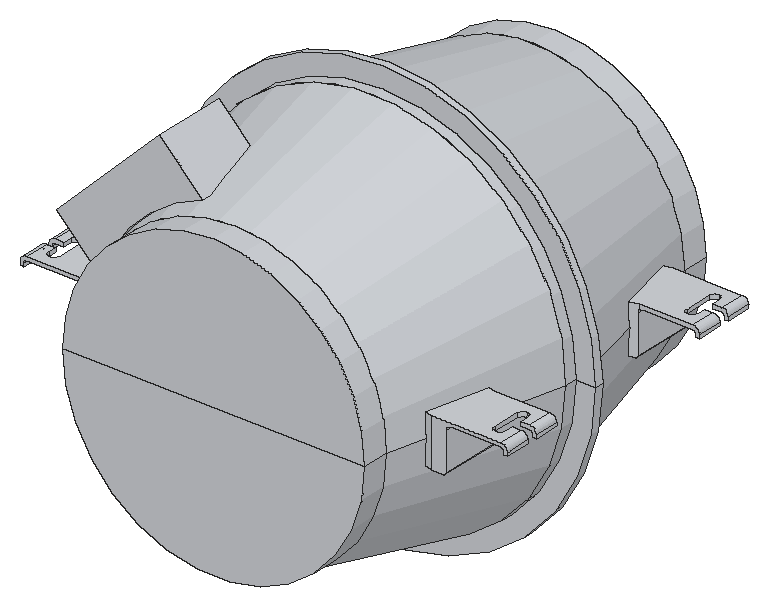
Revit family "FY-DSR2", category Mechanical Equipment, Revit 2024
Family settings
  Round Connector Dimension = Use Diameter
  Part Type = Normal
  OmniClass Number = 23.75.00.00
  OmniClass Title = Climate Control (HVAC)
  Work Plane-Based = No
  Always vertical = Yes
  Cut with Voids When Loaded = No
  Maintain Annotation Orientation = No
  Shared = No
  Room Calculation Point = No
Parameters
  Default Elevation = 0 mm
Reference planes
  plane 1 "Center (Front/Back)": y = 0
  plane 2: z = 0
  plane 3 "Center (Left/Right)": x = 0
  plane 4 "1": y = 175
  plane 5 "2": y = -175
Forms (mm)
  Revolve 1, solid
    sketch origin (0, 0, 0) x (1, 0, 0) y (0, 1, 0)
      loop
        line (0, 175) -> (0, -175) -> (124, -175) -> (124, -153) -> (158.2, -11.02) -> (158.2, -1.22) -> (175, -1.22) -> (175, 5) -> (158.2, 5) -> (158.2, 11.02) -> (124, 153) -> (124, 175) -> (0, 175)
      axis (0, 175) -> (0, -175)
    angle from 0 to 360
  Extrusion 2, solid
    sketch origin (0, 0, 0) x (1, 0, 0) y (0, 0, 1)
      loop
        line (-38.258, 123.11) -> (-73.613, 158.466) -> (-158.466, 73.613) -> (-123.11, 38.258)
        arc (-123.11, 38.258) -> (-90.236, 90.236) -> (-38.258, 123.11) r 140
    from 78 to 138
  Extrusion 3, solid
    sketch origin (0, 0, 0) x (1, 0, 0) y (0, 1, 0)
      loop
        line (-200, 123.5) -> (-200, 103) -> (-187.5, 103) -> (-187.5, 110)
        spline (-187.5, 110) -> (-187.462, 110.587) -> (-187.347, 111.165) -> (-187.157, 111.722) -> (-186.897, 112.25) -> (-186.57, 112.739) -> (-186.182, 113.182) -> (-185.739, 113.57) -> (-185.25, 113.897) -> (-184.722, 114.157) -> (-184.165, 114.347) -> (-183.587, 114.461) -> (-183, 114.5)
        spline (-183, 114.5) -> (-182.413, 114.461) -> (-181.835, 114.347) -> (-181.278, 114.157) -> (-180.75, 113.897) -> (-180.261, 113.57) -> (-179.818, 113.182) -> (-179.43, 112.739) -> (-179.103, 112.25) -> (-178.843, 111.722) -> (-178.653, 111.165) -> (-178.538, 110.587) -> (-178.5, 110)
        line (-178.5, 110) -> (-178.5, 87)
        spline (-178.5, 87) -> (-178.538, 86.413) -> (-178.653, 85.835) -> (-178.843, 85.278) -> (-179.103, 84.75) -> (-179.43, 84.261) -> (-179.818, 83.818) -> (-180.261, 83.43) -> (-180.75, 83.103) -> (-181.278, 82.843) -> (-181.835, 82.653) -> (-182.413, 82.538) -> (-183, 82.5)
        spline (-183, 82.5) -> (-183.587, 82.538) -> (-184.165, 82.653) -> (-184.722, 82.843) -> (-185.25, 83.103) -> (-185.739, 83.43) -> (-186.182, 83.818) -> (-186.57, 84.261) -> (-186.897, 84.75) -> (-187.157, 85.278) -> (-187.347, 85.835) -> (-187.462, 86.413) -> (-187.5, 87)
        line (-187.5, 87) -> (-187.5, 94) -> (-200, 94) -> (-200, 73.5) -> (-150, 73.5) -> (-143.527, 71.934) -> (-131.48, 121.946) -> (-137.904, 123.5) -> (-200, 123.5)
    from -20 to 20
  Extrusion 4, void
    sketch origin (0, 0, 0) x (1, 0, 0) y (0, 0, 1)
      loop
        spline (-200, 14.8) -> (-199.956, 15.479) -> (-199.823, 16.146) -> (-199.604, 16.79) -> (-199.303, 17.4) -> (-198.925, 17.966) -> (-198.477, 18.477) -> (-197.966, 18.925) -> (-197.4, 19.303) -> (-196.79, 19.604) -> (-196.146, 19.823) -> (-195.479, 19.956) -> (-194.8, 20)
        line (-194.8, 20) -> (-200, 20) -> (-200, 14.8)
      loop
        line (-200, 12) -> (-200, -20) -> (-148, -20) -> (-150, -18) -> (-150, 13.8)
        spline (-150, 13.8) -> (-150.026, 14.192) -> (-150.102, 14.576) -> (-150.228, 14.948) -> (-150.402, 15.3) -> (-150.62, 15.626) -> (-150.879, 15.921) -> (-151.174, 16.18) -> (-151.5, 16.398) -> (-151.852, 16.572) -> (-152.224, 16.698) -> (-152.608, 16.774) -> (-153, 16.8)
        line (-153, 16.8) -> (-194.8, 16.8)
        arc (-194.8, 16.8) -> (-196.214, 16.214) -> (-196.8, 14.8) r 2
        line (-196.8, 14.8) -> (-196.8, 12) -> (-200, 12)
    from -123.5 to -71.934
  Extrusion 5, solid
    sketch origin (0, 0, 0) x (-1, 0, 0) y (0, -1, 0)
      loop
        line (-200, -123.5) -> (-137.904, -123.5) -> (-131.48, -121.946) -> (-143.527, -71.934) -> (-150, -73.5) -> (-200, -73.5) -> (-200, -94) -> (-187.5, -94) -> (-187.5, -87)
        spline (-187.5, -87) -> (-187.462, -86.413) -> (-187.347, -85.835) -> (-187.157, -85.278) -> (-186.897, -84.75) -> (-186.57, -84.261) -> (-186.182, -83.818) -> (-185.739, -83.43) -> (-185.25, -83.103) -> (-184.722, -82.843) -> (-184.165, -82.653) -> (-183.587, -82.538) -> (-183, -82.5)
        spline (-183, -82.5) -> (-182.413, -82.538) -> (-181.835, -82.653) -> (-181.278, -82.843) -> (-180.75, -83.103) -> (-180.261, -83.43) -> (-179.818, -83.818) -> (-179.43, -84.261) -> (-179.103, -84.75) -> (-178.843, -85.278) -> (-178.653, -85.835) -> (-178.538, -86.413) -> (-178.5, -87)
        line (-178.5, -87) -> (-178.5, -110)
        spline (-178.5, -110) -> (-178.538, -110.587) -> (-178.653, -111.165) -> (-178.843, -111.722) -> (-179.103, -112.25) -> (-179.43, -112.739) -> (-179.818, -113.182) -> (-180.261, -113.57) -> (-180.75, -113.897) -> (-181.278, -114.157) -> (-181.835, -114.347) -> (-182.413, -114.461) -> (-183, -114.5)
        spline (-183, -114.5) -> (-183.587, -114.461) -> (-184.165, -114.347) -> (-184.722, -114.157) -> (-185.25, -113.897) -> (-185.739, -113.57) -> (-186.182, -113.182) -> (-186.57, -112.739) -> (-186.897, -112.25) -> (-187.157, -111.722) -> (-187.347, -111.165) -> (-187.462, -110.587) -> (-187.5, -110)
        line (-187.5, -110) -> (-187.5, -103) -> (-200, -103) -> (-200, -123.5)
    from -20 to 20
  Extrusion 6, void
    sketch origin (0, 0, 0) x (-1, 0, 0) y (0, 0, -1)
      loop
        line (-200, -14.8) -> (-200, -20) -> (-194.8, -20)
        spline (-194.8, -20) -> (-195.479, -19.956) -> (-196.146, -19.823) -> (-196.79, -19.604) -> (-197.4, -19.303) -> (-197.966, -18.925) -> (-198.477, -18.477) -> (-198.925, -17.966) -> (-199.303, -17.4) -> (-199.604, -16.79) -> (-199.823, -16.146) -> (-199.956, -15.479) -> (-200, -14.8)
      loop
        line (-200, -12) -> (-196.8, -12) -> (-196.8, -14.8)
        arc (-196.8, -14.8) -> (-196.214, -16.214) -> (-194.8, -16.8) r 2
        line (-194.8, -16.8) -> (-153, -16.8)
        spline (-153, -16.8) -> (-152.608, -16.774) -> (-152.224, -16.698) -> (-151.852, -16.572) -> (-151.5, -16.398) -> (-151.174, -16.18) -> (-150.879, -15.921) -> (-150.62, -15.626) -> (-150.402, -15.3) -> (-150.228, -14.948) -> (-150.102, -14.576) -> (-150.026, -14.192) -> (-150, -13.8)
        line (-150, -13.8) -> (-150, 18) -> (-148, 20) -> (-200, 20) -> (-200, -12)
    from -123.5 to -71.934
  Extrusion 7, solid
    sketch origin (0, 0, 0) x (1, 0, 0) y (0, 1, 0)
      loop
        line (-200, -123.5) -> (-137.904, -123.5) -> (-131.48, -121.946) -> (-143.527, -71.934) -> (-150, -73.5) -> (-200, -73.5) -> (-200, -94) -> (-187.5, -94) -> (-187.5, -87)
        spline (-187.5, -87) -> (-187.462, -86.413) -> (-187.347, -85.835) -> (-187.157, -85.278) -> (-186.897, -84.75) -> (-186.57, -84.261) -> (-186.182, -83.818) -> (-185.739, -83.43) -> (-185.25, -83.103) -> (-184.722, -82.843) -> (-184.165, -82.653) -> (-183.587, -82.538) -> (-183, -82.5)
        spline (-183, -82.5) -> (-182.413, -82.538) -> (-181.835, -82.653) -> (-181.278, -82.843) -> (-180.75, -83.103) -> (-180.261, -83.43) -> (-179.818, -83.818) -> (-179.43, -84.261) -> (-179.103, -84.75) -> (-178.843, -85.278) -> (-178.653, -85.835) -> (-178.538, -86.413) -> (-178.5, -87)
        line (-178.5, -87) -> (-178.5, -110)
        spline (-178.5, -110) -> (-178.538, -110.587) -> (-178.653, -111.165) -> (-178.843, -111.722) -> (-179.103, -112.25) -> (-179.43, -112.739) -> (-179.818, -113.182) -> (-180.261, -113.57) -> (-180.75, -113.897) -> (-181.278, -114.157) -> (-181.835, -114.347) -> (-182.413, -114.461) -> (-183, -114.5)
        spline (-183, -114.5) -> (-183.587, -114.461) -> (-184.165, -114.347) -> (-184.722, -114.157) -> (-185.25, -113.897) -> (-185.739, -113.57) -> (-186.182, -113.182) -> (-186.57, -112.739) -> (-186.897, -112.25) -> (-187.157, -111.722) -> (-187.347, -111.165) -> (-187.462, -110.587) -> (-187.5, -110)
        line (-187.5, -110) -> (-187.5, -103) -> (-200, -103) -> (-200, -123.5)
    from -20 to 20
  Extrusion 8, void
    sketch origin (0, 0, 0) x (1, 0, 0) y (0, 0, -1)
      loop
        line (-200, -14.8) -> (-200, -20) -> (-194.8, -20)
        spline (-194.8, -20) -> (-195.479, -19.956) -> (-196.146, -19.823) -> (-196.79, -19.604) -> (-197.4, -19.303) -> (-197.966, -18.925) -> (-198.477, -18.477) -> (-198.925, -17.966) -> (-199.303, -17.4) -> (-199.604, -16.79) -> (-199.823, -16.146) -> (-199.956, -15.479) -> (-200, -14.8)
      loop
        line (-200, -12) -> (-196.8, -12) -> (-196.8, -14.8)
        arc (-196.8, -14.8) -> (-196.214, -16.214) -> (-194.8, -16.8) r 2
        line (-194.8, -16.8) -> (-153, -16.8)
        spline (-153, -16.8) -> (-152.608, -16.774) -> (-152.224, -16.698) -> (-151.852, -16.572) -> (-151.5, -16.398) -> (-151.174, -16.18) -> (-150.879, -15.921) -> (-150.62, -15.626) -> (-150.402, -15.3) -> (-150.228, -14.948) -> (-150.102, -14.576) -> (-150.026, -14.192) -> (-150, -13.8)
        line (-150, -13.8) -> (-150, 18) -> (-148, 20) -> (-200, 20) -> (-200, -12)
    from -123.5 to -71.934
  Extrusion 9, solid
    sketch origin (0, 0, 0) x (-1, 0, 0) y (0, -1, 0)
      loop
        line (-200, 123.5) -> (-200, 103) -> (-187.5, 103) -> (-187.5, 110)
        spline (-187.5, 110) -> (-187.462, 110.587) -> (-187.347, 111.165) -> (-187.157, 111.722) -> (-186.897, 112.25) -> (-186.57, 112.739) -> (-186.182, 113.182) -> (-185.739, 113.57) -> (-185.25, 113.897) -> (-184.722, 114.157) -> (-184.165, 114.347) -> (-183.587, 114.461) -> (-183, 114.5)
        spline (-183, 114.5) -> (-182.413, 114.461) -> (-181.835, 114.347) -> (-181.278, 114.157) -> (-180.75, 113.897) -> (-180.261, 113.57) -> (-179.818, 113.182) -> (-179.43, 112.739) -> (-179.103, 112.25) -> (-178.843, 111.722) -> (-178.653, 111.165) -> (-178.538, 110.587) -> (-178.5, 110)
        line (-178.5, 110) -> (-178.5, 87)
        spline (-178.5, 87) -> (-178.538, 86.413) -> (-178.653, 85.835) -> (-178.843, 85.278) -> (-179.103, 84.75) -> (-179.43, 84.261) -> (-179.818, 83.818) -> (-180.261, 83.43) -> (-180.75, 83.103) -> (-181.278, 82.843) -> (-181.835, 82.653) -> (-182.413, 82.538) -> (-183, 82.5)
        spline (-183, 82.5) -> (-183.587, 82.538) -> (-184.165, 82.653) -> (-184.722, 82.843) -> (-185.25, 83.103) -> (-185.739, 83.43) -> (-186.182, 83.818) -> (-186.57, 84.261) -> (-186.897, 84.75) -> (-187.157, 85.278) -> (-187.347, 85.835) -> (-187.462, 86.413) -> (-187.5, 87)
        line (-187.5, 87) -> (-187.5, 94) -> (-200, 94) -> (-200, 73.5) -> (-150, 73.5) -> (-143.527, 71.934) -> (-131.48, 121.946) -> (-137.904, 123.5) -> (-200, 123.5)
    from -20 to 20
  Extrusion 10, void
    sketch origin (0, 0, 0) x (-1, 0, 0) y (0, 0, 1)
      loop
        spline (-200, 14.8) -> (-199.956, 15.479) -> (-199.823, 16.146) -> (-199.604, 16.79) -> (-199.303, 17.4) -> (-198.925, 17.966) -> (-198.477, 18.477) -> (-197.966, 18.925) -> (-197.4, 19.303) -> (-196.79, 19.604) -> (-196.146, 19.823) -> (-195.479, 19.956) -> (-194.8, 20)
        line (-194.8, 20) -> (-200, 20) -> (-200, 14.8)
      loop
        line (-200, 12) -> (-200, -20) -> (-148, -20) -> (-150, -18) -> (-150, 13.8)
        spline (-150, 13.8) -> (-150.026, 14.192) -> (-150.102, 14.576) -> (-150.228, 14.948) -> (-150.402, 15.3) -> (-150.62, 15.626) -> (-150.879, 15.921) -> (-151.174, 16.18) -> (-151.5, 16.398) -> (-151.852, 16.572) -> (-152.224, 16.698) -> (-152.608, 16.774) -> (-153, 16.8)
        line (-153, 16.8) -> (-194.8, 16.8)
        arc (-194.8, 16.8) -> (-196.214, 16.214) -> (-196.8, 14.8) r 2
        line (-196.8, 14.8) -> (-196.8, 12) -> (-200, 12)
    from -123.5 to -71.934
Cuts and joins
  Extrusion 4, Extrusion 6, Extrusion 8, Extrusion 10 cuts Revolve 1
  Extrusion 4, Extrusion 6, Extrusion 8 cuts Extrusion 3
  Extrusion 6, Extrusion 10 cuts Extrusion 5
  Extrusion 8 cuts Extrusion 7
  Extrusion 10 cuts Extrusion 9
Dimensions and locks
  aligned and locked: level to plane 2
Connectors
  hvac at (0, 175, 0)
    settings: index 1, duct flow 0.0 L/s, flow factor 0, pres drop 0.0 Pa, loss coef 0, conn angle 0.00°, conn width 304.8 mm, conn height 304.8 mm, conn diameter 250 mm, duct sys type 3, conn prof type 0, flow config 0, flow direction 0, loss method 0, conn ref index -1, conn util no, is conn primary yes, conn desc ""
  hvac at (0, -175, 0)
    settings: index 2, duct flow 0.0 L/s, flow factor 0, pres drop 0.0 Pa, loss coef 0, conn angle 0.00°, conn width 304.8 mm, conn height 304.8 mm, conn diameter 250 mm, duct sys type 3, conn prof type 0, flow config 0, flow direction 0, loss method 0, conn ref index -1, conn util no, is conn primary no, conn desc ""
